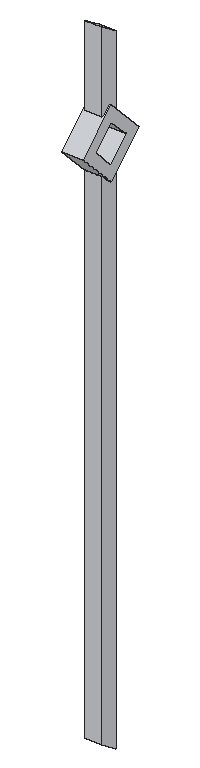
Revit family
Parameters (values of type "20mm")
  built-in parameter 1008623 [instance] = 32.47°
  built-in parameter 1008625 [instance] = (empty or 0)
  Post = no
  built-in parameter 1008624 [instance] = 32.47°
  폭 = 20 mm
  t1 = 폭 + 5.999 mm  # 25.999 mm
  난간동자 재료 = none
  built-in parameter 1008622 [instance] = 762 mm
Types (3, lengths in mm): name | 폭 | t1
  (no name) | 20 | 25.999
  25mm | 25 | 30.999
  20mm | 20 | 25.999
Reference planes
  plane 1 "중심 F/B": y = 0
  plane 2: z = 0
  plane 3 "중심 L/R": x = 0
  plane 4 "상단": z = 762
  plane 5 "상단 절단 각도": through (0, 345.134, 542.379) normal (0, -0.5369, -0.8437)
  plane 6: z = 862
  plane 7: z = 609.6
  plane 8: z = 673.1
  plane 9: z = 641.35
  plane 10: x = -13
  plane 11: x = 13
  plane 12: z = -100
  plane 13: y = 50
  plane 14: x = 50
  plane 15: y = -50
  plane 16: x = -50
  plane 17 "하단 절단 각도": through (0, 0, 0) normal (0, -0.5369, -0.8437)
Forms (mm)
  Extrusion 1, solid, material <- "난간동자 재료"
    sketch origin (0, 0, 0) x (1, 0, 0) y (0, 1, 0)
      loop
        line (-10, 10) -> (-10, -10) -> (10, -10) -> (10, 10) -> (-10, 10)
    from 673.1 to 862
  Extrusion 2, void
    sketch origin (0, 0, 0) x (0, 1, 0) y (0, 0, 1)
      loop
        line (-50, 862) -> (-50, 793.817) -> (50, 730.183) -> (50, 862) -> (-50, 862)
    from -50 to 50
  Extrusion 3, solid, material <- "난간동자 재료"
    sketch origin (0, 0, 0) x (1, 0, 0) y (0, 1, 0)
      loop
        line (-10, 10) -> (-10, -10) -> (10, -10) -> (10, 10) -> (-10, 10)
    from -100 to 609.6
  Extrusion 4, solid, material <- "난간동자 재료"
    sketch origin (0, 0, 0) x (0, 1, 0) y (0, 0, 1)
      loop
        line (0, 682.625) -> (-41.275, 641.35) -> (0, 600.075) -> (41.275, 641.35) -> (0, 682.625)
      loop
        line (0, 664.664) -> (-23.314, 641.35) -> (0, 618.036) -> (23.314, 641.35) -> (0, 664.664)
    from -13 to 13
  Extrusion 5, void
    sketch origin (0, 0, 0) x (0, 1, 0) y (0, 0, 1)
      loop
        line (50, -31.817) -> (-50, 31.817) -> (-50, -100) -> (50, -100) -> (50, -31.817)
    from -50 to 50
Cuts and joins
  Extrusion 2, Extrusion 5 cuts Extrusion 1
  Extrusion 5 cuts Extrusion 3
  Extrusion 5 cuts Extrusion 4
Dimensions and locks
  "built-in parameter 1008622": plane 2 to plane 4 "상단"
  locked: plane 4 "상단" to plane 6 at 100
  equal spacing: Extrusion 1 sketch curve, plane 3 "중심 L/R", Extrusion 1 sketch curve
  equal spacing: Extrusion 1 sketch curve, plane 1 "중심 F/B", Extrusion 1 sketch curve
  "폭": Extrusion 1 sketch curve to Extrusion 1 sketch curve  (x2)
  "폭": Extrusion 3 sketch curve to Extrusion 3 sketch curve  (x2)
  locked: plane 7 to plane 8 at 63.5
  equal spacing: plane 7, plane 9, plane 8
  equal spacing: Extrusion 3 sketch curve, plane 3 "중심 L/R", Extrusion 3 sketch curve
  equal spacing: Extrusion 3 sketch curve, plane 1 "중심 F/B", Extrusion 3 sketch curve
  "t1": plane 10 to plane 11
  equal spacing: plane 10, plane 3 "중심 L/R", plane 11
  locked: level to plane 12 at 100
  locked: plane 7 to plane 4 "상단" at 152.4
  locked: plane 16 to plane 3 "중심 L/R" at 50
  locked: plane 3 "중심 L/R" to plane 14 at 50
  locked: plane 1 "중심 F/B" to plane 13 at 50
  locked: plane 15 to plane 1 "중심 F/B" at 50
  "built-in parameter 1008623": angle plane 4 "상단" to plane 5 "상단 절단 각도"
  "built-in parameter 1008624": angle level to plane 17 "하단 절단 각도"
  aligned and locked: Extrusion 1 to plane 6
  aligned and locked: Extrusion 3 to plane 7
  aligned and locked: plane 8 to Extrusion 1
  aligned and locked: Extrusion 4 to plane 10
  aligned and locked: Extrusion 4 to plane 11
  aligned and locked: Extrusion 2 to plane 16
  aligned and locked: Extrusion 2 to plane 14
  aligned and locked: plane 6 to Extrusion 2 sketch curve
  aligned and locked: plane 13 to Extrusion 2 sketch curve
  aligned and locked: plane 15 to Extrusion 2 sketch curve
  aligned and locked: Extrusion 2 sketch curve to plane 5 "상단 절단 각도"
  aligned and locked: plane 12 to Extrusion 3
  aligned and locked: Extrusion 5 sketch curve to plane 12
  aligned and locked: plane 13 to Extrusion 5 sketch curve
  aligned and locked: Extrusion 5 sketch curve to plane 15
  aligned and locked: plane 17 "하단 절단 각도" to Extrusion 5 sketch curve
  aligned and locked: Extrusion 5 to plane 16
  aligned and locked: Extrusion 5 to plane 14
Automatic sketch dimensions
  Extrusion 4 sketch curve to plane 9 = 0 mm  (x2)
  Extrusion 4 sketch curve to plane 1 "중심 F/B" = 0 mm  (x3)
  Extrusion 4 sketch curve to plane 7 = 8.436 mm
  plane 1 "중심 F/B" to Extrusion 4 sketch curve = 0 mm
  plane 9 to Extrusion 4 sketch curve = 0 mm  (x2)
  Extrusion 4 sketch curve to Extrusion 4 sketch curve = 17.961 mm
